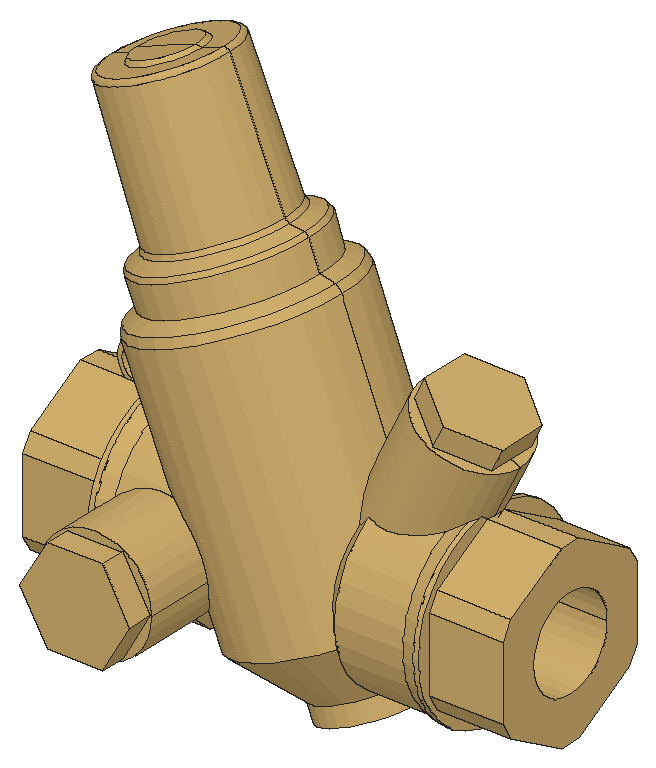
Revit family "PlumbingFixture_Valve_AVG_PRV15F", category Pipe Accessories, Revit 2017
Family settings
  Round Connector Dimension = Use Radius
  Part Type = Valve - Breaks Into
  OmniClass Number = 23.60.30.11.14
  OmniClass Title = Pipework Fittings
  Work Plane-Based = No
  Always vertical = Yes
  Cut with Voids When Loaded = No
  Shared = No
Parameters (values of type "Type 1")
  Yellow = Metal  - Brass
  Watermark_License_No. = "WMKA 2639"
  Watermark_Approval_Standard = "AS 1357.2"
  Waste Connection = no
  WFU = 0
  Vent Connection = no
  Valve_Model = "PRV15F"
  URL = "https://www.avg.net.au/"
  Tolerance_Mixed-Outlet_Temp (°C ) = "NA"
  Specify_Host = "Face"
  Set_Pressure (kPa) = "250, 500"
  Product_Type = "PRV15F"
  Product_Range = ""
  PlumbingMaterial_ANZRS = none
  PlumbingFinish = ""
  Plumbed_In_Box_Dimensions(mm) = "NA"
  Outlet_Type = "Rp 1/2\" female"
  Outlet_Size Radius = Outlet_Size / 2  # 7.5 mm
  Outlet_Size = 15 mm
  Outlet_Pressure_Range (kPa) = "250-650"
  Mounting = ""
  Minimum_Flow_Rate (l/min) = "NA"
  Min_Temp_Differential_Hot_to_Mixed (°C ) = "NA"
  Min_Temp_Differential_Cold_to_Mixed (°C ) = "NA"
  Min_Supply_Pressure_Imbalance (%) = "NA"
  Min_Supply_Pressure_Dynamic (kPa) = "NA"
  Max_Supply_Pressure_Static (kPa) = "1600"
  Max_Supply_Pressure_Dynamic (kPa) = "NA"
  Max_Flow_Rate (l/min) = "60, 22"
  Manufacturer_Phone_No = "1300-514-074"
  Manufacturer = "Australian Valve Group"
  Inlet_Type = "Rp 1/2\" female"
  Inlet_Size Radius = Inlet_Size / 2  # 7.5 mm
  Inlet_Size = 15 mm
  Hot_Water_Supply_Temp (°C ) = "Max 80"
  HWFU = 0
  HW Connection = no
  FilterObject_ANZRS = ""
  Factory_Set_Pressure (kPa) = "500"
  Factory_Set_Mixed_Temp (°C ) = "NA"
  Description = "Pressure Reduction Valve assembly. 15mm female connection"
  Default Elevation = 0 mm
  D = 60 mm
  Comments_For_Revit = "Same Valve body"
  Cold_Water_Supply_Temp (°C ) = "NA"
  CategoryStyleOrType_ANZRS = ""
  CWFU = 0
  CW Connection = no
  C = 78 mm
  Bypass_Type = "NA"
  Bypass_Size = 0 mm
  B = 22 mm
  Adjustable_Mixed-Outlet_Temp (°C ) = "NA"
  A = 68 mm
Reference planes
  plane 1 "Center (Front/Back)": y = 0
  plane 2: z = 0
  plane 3 "Center (Left/Right)": x = 0
Forms (mm)
  Revolve 1, solid, material "Metal  - Brass" <- "Yellow"
    sketch origin (0, 0, 20.5) x (1, 0, 0) y (0, 0, 1)
      loop
        line (0, -20.5) -> (0, -8.267) -> (-10.038, -8.267) -> (-12.739, -5.566) -> (-23.738, -5.566) -> (-26.019, -4.862) -> (-26.87, -4.862) -> (-26.87, -20.5) -> (0, -20.5)
      axis (-26.87, -20.5) -> (0, -20.5)
    angle from 0 to 360
  Revolve 2, solid, material "Metal  - Brass" <- "Yellow", detail levels fine
    sketch origin (47.772, 0, 21.318) x (1, 0, 0) y (0, 0, 1)
      loop
        line (-35.036, -16.295) -> (-24.578, 5.147) -> (-32.357, 8.941) -> (-42.814, -12.501) -> (-35.036, -16.295)
      axis (-24.578, 5.147) -> (-35.036, -16.295)
    angle from 0 to 360
  Revolve 3, solid, material "Metal  - Brass" <- "Yellow"
    sketch origin (0, 0, -22) x (1, 0, 0) y (0, 0, 1)
      loop
        line (-26.481, 85.951) -> (-31.342, 83.961) -> (-31.619, 83.199) -> (-35.118, 81.767)
        arc (-35.118, 81.767) -> (-35.553, 81.341) -> (-35.569, 80.733) r 0.809
        line (-35.569, 80.733) -> (-27.57, 59.447) -> (-27.601, 58.523) -> (-29.25, 56.533) -> (-29.327, 55.579) -> (-27.417, 51) -> (-29.018, 48.83) -> (-29.003, 47.353) -> (-12.708, 7.379) -> (-1.439, 1.796) -> (-0.335, -1.057) -> (7.191, 2.016) -> (-26.481, 85.951)
      axis (-26.481, 85.951) -> (7.209, 1.97)
    angle from 0 to 360
  Revolve 4, solid, material "Metal  - Brass" <- "Yellow", detail levels fine
    sketch origin (0, 0, 20.5) x (-1, 0, 0) y (0, 0, -1)
      loop
        line (0, 20.5) -> (-26.87, 20.5) -> (-26.87, 4.862) -> (-26.019, 4.862) -> (-23.738, 5.566) -> (-12.739, 5.566) -> (-10.038, 8.267) -> (0, 8.267) -> (0, 20.5)
      axis (-26.87, 20.5) -> (0, 20.5)
    angle from 0 to 360
  Extrusion 5, solid, material "Metal  - Brass"
    sketch origin (0, 0, -22) x (1, 0, 0) y (0, 0, 1)
      loop
        circle (-17.346, 20.654) r 9.261
    from 11.752 to 25.946
  Extrusion 6, solid, material "Metal  - Brass"
    sketch origin (0, 0, -22) x (1, 0, 0) y (0, 0, 1)
      loop
        line (-21.816, 28.396) -> (-26.286, 20.654) -> (-21.816, 12.913) -> (-12.877, 12.913) -> (-8.407, 20.654) -> (-12.877, 28.396) -> (-21.816, 28.396)
    from 25.946 to 30
  Extrusion 7, solid, material "Metal  - Brass"
    sketch origin (0, 0, -22) x (1, 0, 0) y (0, 0, -1)
      loop
        circle (-17.346, -20.654) r 9.261
    from 11.752 to 25.946
  Extrusion 8, solid, material "Metal  - Brass"
    sketch origin (0, 0, -22) x (1, 0, 0) y (0, 0, -1)
      loop
        line (-21.816, -28.396) -> (-12.877, -28.396) -> (-8.407, -20.654) -> (-12.877, -12.913) -> (-21.816, -12.913) -> (-26.286, -20.654) -> (-21.816, -28.396)
    from 25.946 to 30
  Extrusion 9, solid, material "Metal  - Brass"
    sketch origin (24.78, 0, 29.716) x (0, 1, 0) y (-0.898794, 0, 0.438371)
      loop
        line (-4.021, 6.965) -> (-8.043, 0) -> (-4.021, -6.965) -> (4.021, -6.965) -> (8.043, 0) -> (4.021, 6.965) -> (-4.021, 6.965)
    from -3.617 to 0.412
  Extrusion 10, void
    sketch origin (39, 0, 23.938) x (0, 1, 0) y (0, 0, -1)
      loop
        circle (0, 23.938) r 6.559
    from -18.648 to 93.935
  Extrusion 11, solid, material "Metal  - Brass"
    sketch origin (0, 0, -22) x (0, 1, 0) y (0, 0, 1)
      loop
        circle (0, 22) r 15.637
      loop
        circle (0, 22) r 7.5
    from -39 to -26.87
  Extrusion 12, void
    sketch origin (-39, 0, -22) x (0, 1, 0) y (0, 0, 1)
      loop
        line (-13.471, 28.014) -> (-13.471, 15.986) -> (-11.944, 13.341) -> (-1.795, 7.481) -> (1.795, 7.481) -> (11.944, 13.341) -> (13.471, 15.986) -> (13.471, 28.014) -> (11.944, 30.659) -> (1.795, 36.519) -> (-1.795, 36.519) -> (-11.944, 30.659) -> (-13.471, 28.014)
      loop
        circle (0, 22) r 19.051
    from 0 to 12.13
  Extrusion 13, solid, material "Metal  - Brass"
    sketch origin (0, 0, -22) x (0, 1, 0) y (0, 0, -1)
      loop
        circle (0, -22) r 15.637
      loop
        circle (0, -22) r 7.5
    from -39 to -26.87
  Extrusion 14, void
    sketch origin (39, 0, -22) x (0, 1, 0) y (0, 0, -1)
      loop
        line (-13.471, -28.014) -> (-11.944, -30.659) -> (-1.795, -36.519) -> (1.795, -36.519) -> (11.944, -30.659) -> (13.471, -28.014) -> (13.471, -15.986) -> (11.944, -13.341) -> (1.795, -7.481) -> (-1.795, -7.481) -> (-11.944, -13.341) -> (-13.471, -15.986) -> (-13.471, -28.014)
      loop
        circle (0, -22) r 19.051
    from 0 to 12.13
  Extrusion 15, solid, material "Metal  - Brass"
    sketch origin (0, 0, -22) x (1, 0, 0) y (0, 0, 1)
      loop
        circle (-29.266, 39.502) r 3
      loop
        arc (-25.528, 39.15) -> (-32.29, 41.726) -> (-27.815, 36.039) r 3.754
        line (-27.815, 36.039) -> (-26.019, 35.276) -> (-24.596, 35.276) -> (-24.596, 37.768) -> (-25.528, 39.15)
    from -1.795 to 1.795
Cuts and joins
  Extrusion 14 cuts Extrusion 13
  Extrusion 12 cuts Extrusion 11
  Extrusion 10 cuts Revolve 4
  Extrusion 10 cuts Revolve 2
  Extrusion 10 cuts Revolve 3
  Extrusion 10 cuts Revolve 1
Dimensions and locks
  "Inlet_Size Radius": radius of Extrusion 11 sketch curve
  "Inlet_Size Radius": radius of Extrusion 13 sketch curve
Automatic sketch dimensions
  Revolve 1 sketch curve to plane 3 "Center (Left/Right)" = 0 mm
  Revolve 1 sketch curve to plane 3 "Center (Left/Right)" = 10.038 mm
  Revolve 1 sketch curve to Revolve 1 sketch curve = 2.701 mm  (x2)
  Revolve 1 sketch curve to Revolve 1 sketch curve = 10.999 mm
  Revolve 1 sketch curve to Revolve 1 sketch curve = 2.281 mm
  Revolve 1 sketch curve to Revolve 1 sketch curve = 3.132 mm
  level to Revolve 1 sketch curve = 0 mm  (x2)
  Revolve 1 sketch curve to Revolve 1 sketch curve = 12.233 mm
  Revolve 1 sketch curve to Revolve 1 sketch curve = 0.703 mm
  Revolve 1 sketch curve to Revolve 1 sketch curve = 25.086 mm
  Revolve 1 sketch curve to Revolve 1 sketch curve = 10 mm
  plane 3 "Center (Left/Right)" to Revolve 2 sketch curve = 4.958 mm
  Revolve 2 sketch curve to Revolve 2 sketch curve = 7.779 mm
  plane 3 "Center (Left/Right)" to Revolve 2 sketch curve = 15.416 mm
  level to Revolve 2 sketch curve = 5.024 mm
  Revolve 2 sketch curve to Revolve 2 sketch curve = 3.794 mm
  Revolve 2 sketch curve to Revolve 2 sketch curve = 2.951 mm
  Revolve 2 sketch curve to Revolve 2 sketch curve = 0 mm  (x2)
  Revolve 2 sketch curve to Revolve 2 sketch curve = 6.05 mm
  Revolve 3 sketch curve to plane 3 "Center (Left/Right)" = 35.569 mm
  Revolve 3 sketch curve to Revolve 3 sketch curve = 0.451 mm
  Revolve 3 sketch curve to Revolve 3 sketch curve = 0.307 mm
  Revolve 3 sketch curve to Revolve 3 sketch curve = 3.499 mm
  Revolve 3 sketch curve to Revolve 3 sketch curve = 0.277 mm
  Revolve 3 sketch curve to Revolve 3 sketch curve = 6.242 mm
  Revolve 3 sketch curve to Revolve 3 sketch curve = 0.077 mm
  Revolve 3 sketch curve to Revolve 3 sketch curve = 0.309 mm
  Revolve 3 sketch curve to Revolve 3 sketch curve = 0.015 mm
  Revolve 3 sketch curve to Revolve 3 sketch curve = 1.649 mm
  Revolve 3 sketch curve to Revolve 3 sketch curve = 0.031 mm
  Revolve 3 sketch curve to Revolve 3 sketch curve = 1.602 mm
  Revolve 3 sketch curve to Revolve 3 sketch curve = 4.861 mm
  Revolve 3 sketch curve to plane 3 "Center (Left/Right)" = 12.708 mm
  Revolve 3 sketch curve to plane 3 "Center (Left/Right)" = 1.439 mm
  Revolve 3 sketch curve to plane 3 "Center (Left/Right)" = 0.335 mm
  Revolve 3 sketch curve to level = 19.984 mm
  plane 3 "Center (Left/Right)" to Revolve 3 sketch curve = 7.191 mm
  Revolve 3 sketch curve to level = 20.204 mm
  Revolve 3 sketch curve to level = 23.057 mm
  Revolve 3 sketch curve to level = 14.621 mm
  Revolve 3 sketch curve to Revolve 3 sketch curve = 39.973 mm
  Revolve 3 sketch curve to Revolve 3 sketch curve = 1.477 mm
  Revolve 3 sketch curve to Revolve 3 sketch curve = 2.17 mm
  Revolve 3 sketch curve to Revolve 3 sketch curve = 4.579 mm
  Revolve 3 sketch curve to Revolve 3 sketch curve = 0.954 mm
  Revolve 3 sketch curve to Revolve 3 sketch curve = 1.99 mm  (x2)
  Revolve 3 sketch curve to Revolve 3 sketch curve = 0.923 mm
  Revolve 3 sketch curve to Revolve 3 sketch curve = 21.287 mm
  Revolve 3 sketch curve to Revolve 3 sketch curve = 0.285 mm
  Revolve 3 sketch curve to Revolve 3 sketch curve = 1.432 mm
  Revolve 3 sketch curve to Revolve 3 sketch curve = 0.762 mm
  Revolve 3 sketch curve to Revolve 3 sketch curve = 0.586 mm
  Revolve 3 sketch curve to plane 3 "Center (Left/Right)" = 9.973 mm
  Revolve 3 sketch curve to Revolve 3 sketch curve = 6.198 mm
  Revolve 3 sketch curve to Revolve 3 sketch curve = 1.461 mm
  Revolve 4 sketch curve to plane 3 "Center (Left/Right)" = 0 mm
  plane 3 "Center (Left/Right)" to Revolve 4 sketch curve = 10.038 mm
  Revolve 4 sketch curve to Revolve 4 sketch curve = 2.701 mm  (x2)
  Revolve 4 sketch curve to Revolve 4 sketch curve = 10.999 mm
  Revolve 4 sketch curve to Revolve 4 sketch curve = 2.281 mm
  Revolve 4 sketch curve to Revolve 4 sketch curve = 3.132 mm
  level to Revolve 4 sketch curve = 15.638 mm
  Revolve 4 sketch curve to Revolve 4 sketch curve = 0.703 mm
  Revolve 4 sketch curve to Revolve 4 sketch curve = 14.934 mm
  Revolve 4 sketch curve to Revolve 4 sketch curve = 25.086 mm
  Revolve 4 sketch curve to Revolve 4 sketch curve = 10 mm
  level to Revolve 4 sketch curve = 0 mm
  Extrusion 5 sketch curve to plane 3 "Center (Left/Right)" = 17.346 mm
  Extrusion 5 sketch curve to level = 1.346 mm
  Extrusion 6 sketch curve to plane 3 "Center (Left/Right)" = 26.286 mm
  Extrusion 6 sketch curve to Extrusion 6 sketch curve = 4.47 mm  (x2)
  Extrusion 6 sketch curve to Extrusion 6 sketch curve = 8.939 mm  (x2)
  Extrusion 6 sketch curve to plane 3 "Center (Left/Right)" = 8.407 mm
  Extrusion 6 sketch curve to level = 9.087 mm
  Extrusion 6 sketch curve to Extrusion 6 sketch curve = 7.742 mm  (x3)
  Extrusion 7 sketch curve to plane 3 "Center (Left/Right)" = 17.346 mm
  Extrusion 7 sketch curve to level = 1.346 mm
  Extrusion 8 sketch curve to plane 3 "Center (Left/Right)" = 26.286 mm
  Extrusion 8 sketch curve to Extrusion 8 sketch curve = 4.47 mm  (x2)
  Extrusion 8 sketch curve to Extrusion 8 sketch curve = 8.939 mm  (x2)
  Extrusion 8 sketch curve to plane 3 "Center (Left/Right)" = 8.407 mm
  level to Extrusion 8 sketch curve = 6.396 mm
  Extrusion 8 sketch curve to Extrusion 8 sketch curve = 7.742 mm  (x3)
  plane 1 "Center (Front/Back)" to Extrusion 9 sketch curve = 8.043 mm
  plane 1 "Center (Front/Back)" to Extrusion 9 sketch curve = 4.021 mm  (x2)
  Extrusion 9 sketch curve to plane 1 "Center (Front/Back)" = 4.021 mm  (x2)
  Extrusion 9 sketch curve to Extrusion 9 sketch curve = 4.021 mm
  Extrusion 9 sketch curve to Extrusion 9 sketch curve = 6.965 mm  (x3)
  Extrusion 10 sketch curve to plane 1 "Center (Front/Back)" = 0 mm
  level to Extrusion 10 sketch curve = 0 mm
  Extrusion 12 sketch curve to Extrusion 12 sketch curve = 1.795 mm  (x2)
  Extrusion 12 sketch curve to Extrusion 12 sketch curve = 10.149 mm  (x4)
  Extrusion 12 sketch curve to Extrusion 12 sketch curve = 1.527 mm  (x2)
  Extrusion 12 sketch curve to Extrusion 12 sketch curve = 3.589 mm  (x2)
  Extrusion 12 sketch curve to Extrusion 12 sketch curve = 6.014 mm  (x2)
  Extrusion 12 sketch curve to Extrusion 12 sketch curve = 2.645 mm  (x4)
  Extrusion 12 sketch curve to Extrusion 12 sketch curve = 5.86 mm  (x2)
  Extrusion 12 sketch curve to Extrusion 12 sketch curve = 12.028 mm  (x2)
  Extrusion 14 sketch curve to Extrusion 14 sketch curve = 1.795 mm  (x2)
  Extrusion 14 sketch curve to Extrusion 14 sketch curve = 10.149 mm  (x4)
  Extrusion 14 sketch curve to Extrusion 14 sketch curve = 1.527 mm  (x2)
  Extrusion 14 sketch curve to Extrusion 14 sketch curve = 3.589 mm  (x2)
  Extrusion 14 sketch curve to Extrusion 14 sketch curve = 6.014 mm  (x2)
  Extrusion 14 sketch curve to Extrusion 14 sketch curve = 2.645 mm  (x4)
  Extrusion 14 sketch curve to Extrusion 14 sketch curve = 5.86 mm  (x2)
  Extrusion 14 sketch curve to Extrusion 14 sketch curve = 12.028 mm  (x2)
  Extrusion 15 sketch curve to Extrusion 15 sketch curve = 0 mm  (x2)
  Extrusion 15 sketch curve to plane 3 "Center (Left/Right)" = 29.266 mm
  Extrusion 15 sketch curve to Extrusion 15 sketch curve = 1.451 mm
  Extrusion 15 sketch curve to Extrusion 15 sketch curve = 1.796 mm
  Extrusion 15 sketch curve to Extrusion 15 sketch curve = 3.738 mm
  Extrusion 15 sketch curve to Extrusion 15 sketch curve = 0.932 mm
  level to Extrusion 15 sketch curve = 13.276 mm
  Extrusion 15 sketch curve to Extrusion 15 sketch curve = 0.762 mm
  Extrusion 15 sketch curve to Extrusion 15 sketch curve = 2.492 mm
  Extrusion 15 sketch curve to Extrusion 15 sketch curve = 1.382 mm
  Extrusion 11 sketch curve to Extrusion 11 sketch curve = 0 mm  (x2)
  Extrusion 11 sketch curve to level = 0 mm
  Extrusion 11 sketch curve to plane 1 "Center (Front/Back)" = 0 mm
  Extrusion 13 sketch curve to Extrusion 13 sketch curve = 0 mm  (x2)
  Extrusion 13 sketch curve to level = 0 mm
  Extrusion 13 sketch curve to plane 1 "Center (Front/Back)" = 0 mm
  radius of Extrusion 5 sketch curve = 9.261 mm
  radius of Extrusion 7 sketch curve = 9.261 mm
  radius of Extrusion 10 sketch curve = 6.559 mm
  radius of Extrusion 11 to Extrusion 12 sketch curve = 3.413 mm
  radius of Extrusion 13 to Extrusion 14 sketch curve = 3.413 mm
  radius of Extrusion 15 sketch curve = 3 mm
  radius of Extrusion 11 sketch curve = 15.637 mm
  radius of Extrusion 13 sketch curve = 15.637 mm
Connectors
  piping at (39, 0, 0), diameter 15, driven by "Inlet_Size Radius"
    settings: on cut or joined group of Extrusion 13, Extrusion 14, index 1, connector inside diameter 609.6 mm, connector length 0 mm, flow factor 0, pipe flow 0.0 L/s, pressure drop 0.0 Pa, fitting loss kfactor 0, connector angle 0.00°, fixture units 0, engagement length 0 mm, angle of deflection 0.00°, flow configuration 0, flow direction 2, fitting loss method 0, system type 20, joint type 0, gender type 0, connector reference index -1, connector utility 0, adjustable connector no, is connector primary yes, connector description ""
  piping at (-39, 0, 0), diameter 15, driven by "Outlet_Size Radius"
    settings: on cut or joined group of Extrusion 11, Extrusion 12, index 2, connector inside diameter 609.6 mm, connector length 0 mm, flow factor 0, pipe flow 0.0 L/s, pressure drop 0.0 Pa, fitting loss kfactor 0, connector angle 0.00°, fixture units 0, engagement length 0 mm, angle of deflection 0.00°, flow configuration 0, flow direction 1, fitting loss method 0, system type 20, joint type 0, gender type 0, connector reference index -1, connector utility 0, adjustable connector no, is connector primary no, connector description ""
